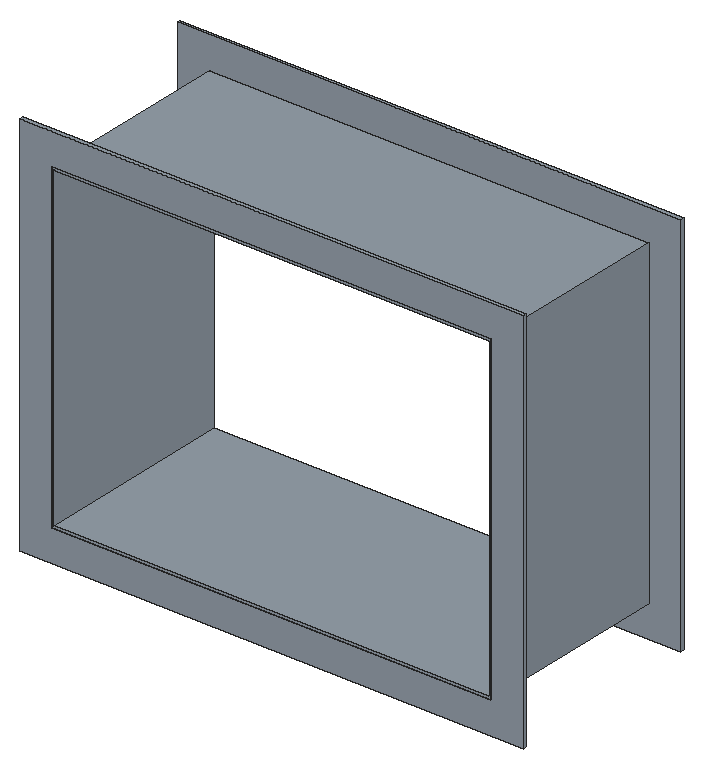
Revit family "电缆桥架套管-带密闭肋", category 电缆桥架配件, Revit 2020
Family settings
  圆形连接件大小 = 使用直径
  零件类型 = 槽式多个端口
  基于工作平面 = 否
  总是垂直 = 是
  加载时剪切的空心 = 是
  共享 = 否
Parameters (values of type "(宽度+50)×(高度+50)")
  默认高程 = 0 mm
  系统缩写 [instance] = ""
  穿管高度 [instance] = 450 mm
  穿管长度 [instance] = 300 mm
  穿管宽度 [instance] = 630 mm
  洞口类型 [instance] = ""
  材质 = 银漆钢
  底部标高BL [instance] = 中心标高CL - 套管高度 / 2  # -250 mm
  密闭肋宽度 [instance] = 50 mm
  密闭肋厚度 [instance] = 5 mm
  套管高度 [instance] = 穿管高度 + 外扩尺寸  # 500 mm
  套管长度 [instance] = 穿管长度 + 外伸长度 + 内伸长度  # 300 mm
  套管宽度 [instance] = 穿管宽度 + 外扩尺寸  # 680 mm
  套管壁厚 [instance] = 3 mm
  外扩尺寸 = 50 mm
  外伸长度 = 0 mm
  内伸长度 = 0 mm
  built-in parameter 1114242 [instance] = (empty or 0)
  中心标高CL [instance] = 0 mm
Types (4, lengths in mm): name | 底部标高BL | 套管高度 | 套管宽度 | 外扩尺寸
  (宽度+100)×(高度+100) | -275 | 550 | 730 | 100
  (宽度+50)×(高度+50) | -250 | 500 | 680 | 50
  (宽度+150)×(高度+150) | -300 | 600 | 780 | 150
  (宽度+200)×(高度+200) | -325 | 650 | 830 | 200
Reference planes
  plane 1 "中心(前/后)": y = 0
  plane 2: z = 0
  plane 3 "中心(左/右)": x = 0
  plane 4: y = -150
  plane 5: y = 150
  plane 6 "前": y = -150
  plane 7 "后": y = 150
  plane 8 "左": x = -340
  plane 9 "右": x = 340
  plane 10: y = 155
  plane 11: y = -155
  plane 12: x = -390
  plane 13: x = 390
  plane 14 "顶": z = 250
  plane 15 "底": z = -250
  plane 16: z = 300
  plane 17: z = -300
Forms (mm)
  Sweep 1, void
    path in 3D
      loop
        line (0, -155, 0) -> (0, 155, 0)
    profile origin (0, 0, 0) x (-1, 0, 0) y (0, 0, 1)
      loop
        line (340, 250) -> (-340, 250) -> (-340, -250) -> (340, -250) -> (340, 250)
  Sweep 2, solid, material "银漆钢" <- "材质", detail levels fine
    path in 3D
      loop
        line (0, -155, 0) -> (0, 155, 0)
    profile origin (0, 0, 0) x (-1, 0, 0) y (0, 0, 1)
      loop
        line (340, 250) -> (-340, 250) -> (-340, -250) -> (340, -250) -> (340, 250)
      loop
        line (337, 247) -> (-337, 247) -> (-337, -247) -> (337, -247) -> (337, 247)
  Sweep 3, solid, material "银漆钢" <- "材质", detail levels fine
    path origin (0, 0, 0) x (1, 0, 0) y (0, 1, 0)
      loop
        line (0, 155) -> (0, 150)
    profile origin (0, 152.5, 0) x (1, 0, 0) y (0, 0, 1)
      loop
        line (340, 250) -> (-340, 250) -> (-340, -250) -> (340, -250) -> (340, 250)
      loop
        line (390, 300) -> (-390, 300) -> (-390, -300) -> (390, -300) -> (390, 300)
  Sweep 4, solid, material "银漆钢" <- "材质", detail levels fine
    path origin (0, 0, 0) x (1, 0, 0) y (0, 1, 0)
      loop
        line (0, -150) -> (0, -155)
    profile origin (0, -152.5, 0) x (1, 0, 0) y (0, 0, 1)
      loop
        line (-340, 250) -> (-340, -250) -> (340, -250) -> (340, 250) -> (-340, 250)
      loop
        line (-390, 300) -> (-390, -300) -> (390, -300) -> (390, 300) -> (-390, 300)
Lines and regions (mm)
  reference lines
    curve 1: line (0, -155, 0) -> (0, 155, 0)
  sketch lines
    curve 2: line (0, -155, 0) -> (0, 155, 0)
    curve 3: line (0, -155, 0) -> (0, 155, 0)
  model lines, style "套管洞口二维", detail levels coarse+medium
    curve 4: line (-340, -150, 250) -> (340, -150, 250)
    curve 5: line (340, -150, 250) -> (340, -150, -250)
    curve 6: line (340, -150, -250) -> (-340, -150, -250)
    curve 7: line (-340, -150, -250) -> (-340, -150, 250)
    curve 8: line (340, 150, 250) -> (-340, 150, 250)
    curve 9: line (-340, 150, 250) -> (-340, 150, -250)
    curve 10: line (-340, 150, -250) -> (340, 150, -250)
    curve 11: line (340, 150, -250) -> (340, 150, 250)
    curve 12: line (-340, 150, 250) -> (-340, -150, 250)
    curve 13: line (-340, 150, -250) -> (-340, -150, -250)
    curve 14: line (340, -150, 250) -> (340, 150, 250)
    curve 15: line (340, -150, -250) -> (340, 150, -250)
    curve 18: line (-390, -150, 300) -> (390, -150, 300)
    curve 19: line (-390, -150, -300) -> (-390, -150, 300)
    curve 20: line (390, -150, -300) -> (-390, -150, -300)
    curve 21: line (390, -150, 300) -> (390, -150, -300)
    curve 22: line (390, 150, 300) -> (-390, 150, 300)
    curve 23: line (390, 150, -300) -> (390, 150, 300)
    curve 24: line (-390, 150, -300) -> (390, 150, -300)
    curve 25: line (-390, 150, 300) -> (-390, 150, -300)
  symbolic lines, style "套管洞口二维", detail levels coarse+medium
    curve 16: line (-340, 150, 0) -> (340, -150, 0)
    curve 17: line (340, 150, 0) -> (-340, -150, 0)
Dimensions and locks
  "内伸长度": plane 4 to plane 6 "前"
  equal spacing: plane 5, plane 1 "中心(前/后)", plane 4
  "穿管长度": plane 5 to plane 4
  "外伸长度": plane 7 "后" to plane 5
  "密闭肋厚度": plane 10 to plane 7 "后"
  "密闭肋厚度": plane 6 "前" to plane 11
  equal spacing: plane 9 "右", plane 3 "中心(左/右)", plane 8 "左"
  equal spacing: plane 14 "顶", plane 2, plane 15 "底"
  "套管高度": plane 14 "顶" to plane 15 "底"
  "套管宽度": plane 9 "右" to plane 8 "左"
  "密闭肋宽度": plane 16 to plane 14 "顶"
  "密闭肋宽度": plane 8 "左" to plane 12
  "密闭肋宽度": plane 13 to plane 9 "右"
  "密闭肋宽度": plane 15 "底" to plane 17
  "套管壁厚": Sweep 1 to Sweep 2 sketch curve  (x2)
  "套管壁厚": Sweep 2 sketch curve to Sweep 1  (x2)
  aligned and locked: plane 3 "中心(左/右)" to curve 1
  aligned and locked: plane 10 to curve 1
  aligned and locked: plane 11 to curve 1
  aligned and locked: plane 10 to Sweep 3 sketch curve
  aligned and locked: plane 7 "后" to Sweep 3 sketch curve
  aligned and locked: Sweep 3 sketch curve to plane 3 "中心(左/右)"
  aligned and locked: plane 11 to Sweep 4 sketch curve
  aligned and locked: plane 6 "前" to Sweep 4 sketch curve
  aligned and locked: Sweep 4 sketch curve to plane 3 "中心(左/右)"
  aligned and locked: Sweep 3 sketch curve to plane 16
  aligned and locked: Sweep 3 sketch curve to plane 13
  aligned and locked: plane 17 to Sweep 3 sketch curve
  aligned and locked: plane 12 to Sweep 3 sketch curve
  aligned and locked: Sweep 3 sketch curve to plane 9 "右"
  aligned and locked: Sweep 3 sketch curve to plane 14 "顶"
  aligned and locked: plane 8 "左" to Sweep 3 sketch curve
  aligned and locked: Sweep 3 sketch curve to plane 15 "底"
  aligned and locked: plane 16 to Sweep 4 sketch curve
  aligned and locked: plane 13 to Sweep 4 sketch curve
  aligned and locked: Sweep 4 sketch curve to plane 12
  aligned and locked: Sweep 4 sketch curve to plane 17
  aligned and locked: Sweep 4 sketch curve to plane 8 "左"
  aligned and locked: plane 14 "顶" to Sweep 4 sketch curve
  aligned and locked: plane 9 "右" to Sweep 4 sketch curve
  aligned and locked: Sweep 4 sketch curve to plane 15 "底"
  aligned and locked: plane 14 "顶" to Sweep 1 sketch curve
  aligned and locked: plane 9 "右" to Sweep 1 sketch curve
  aligned and locked: Sweep 1 sketch curve to plane 15 "底"
  aligned and locked: Sweep 1 sketch curve to plane 8 "左"
Automatic sketch dimensions
  curve 12 to plane 6 "前" = 0 mm
  curve 13 to plane 6 "前" = 0 mm
  curve 13 to plane 7 "后" = 0 mm
  curve 12 to plane 7 "后" = 0 mm
  curve 13 to plane 15 "底" = 0 mm
  curve 12 to plane 14 "顶" = 0 mm
  curve 15 to plane 6 "前" = 0 mm
  curve 14 to plane 6 "前" = 0 mm
  curve 15 to plane 7 "后" = 0 mm
  curve 14 to plane 7 "后" = 0 mm
  curve 15 to plane 15 "底" = 0 mm
  curve 14 to plane 14 "顶" = 0 mm
  curve 17 to plane 4 = 0 mm
  curve 17 to plane 8 "左" = 0 mm
  curve 16 to plane 5 = 0 mm
  curve 16 to plane 8 "左" = 0 mm
  curve 17 to plane 5 = 0 mm
  curve 17 to plane 9 "右" = 0 mm
  curve 16 to plane 4 = 0 mm
  curve 16 to plane 9 "右" = 0 mm
  Sweep 2 sketch curve to Sweep 2 sketch curve = 3 mm  (x4)
  curve 21 to plane 13 = 0 mm
  curve 4 to plane 9 "右" = 0 mm
  curve 4 to plane 8 "左" = 0 mm
  curve 20 to plane 12 = 0 mm
  curve 21 to plane 17 = 0 mm
  curve 6 to plane 15 "底" = 0 mm
  curve 5 to plane 14 "顶" = 0 mm
  curve 18 to plane 16 = 0 mm
  curve 24 to plane 13 = 0 mm
  curve 8 to plane 9 "右" = 0 mm
  curve 8 to plane 8 "左" = 0 mm
  curve 24 to plane 12 = 0 mm
  curve 25 to plane 17 = 0 mm
  curve 10 to plane 15 "底" = 0 mm
  curve 9 to plane 14 "顶" = 0 mm
  curve 22 to plane 16 = 0 mm
